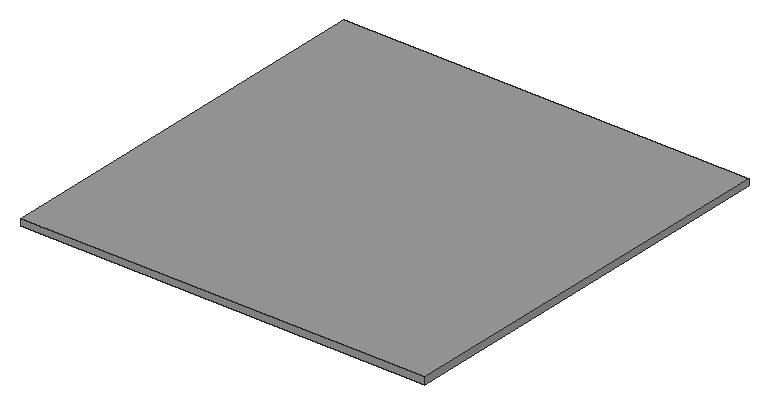
Revit family "BK-BK Inverted Roof 65mm Family", category Generic Models, host Floor, Revit 2017
Family settings
  Host = Floor
  Can host rebar = No
  Round Connector Dimension = Use Diameter
  Part Type = Normal
  Always vertical = Yes
  Cut with Voids When Loaded = No
  Shared = No
  Room Calculation Point = No
Parameters (values of type "Lambdaboard")
  Width = 4000 mm
  URL = "www.rigifoam.com"
  Type Comments = "duncan@rigifoam.com"
  Thermal Resistance = 2.7100 (m²·K)/W
  Thermal Conductivity = 0.0240 W/(m·K)
  Model = "BK/BK Inverted Roof 65mm"
  Material = Polyisocyanurate
  Manufacturer = "Lambdaboard"
  Length = 4000 mm
  Slab Thickness = 300 mm
  Description = "Flexible PIR Insulation"
  Depth = 65 mm
  Density = 40.0000 kg/m³
Reference planes
  plane 1 "Center (Front/Back)": y = 0
  plane 2: z = 0
  plane 3 "Center (Left/Right)": x = 0
Forms (mm)
  Extrusion 1, solid, material "Polyisocyanurate" <- "Material"
    sketch origin (0, 0, 0) x (1, 0, 0) y (0, 1, 0)
      loop
        line (-2000, 2000) -> (-2000, -2000) -> (2000, -2000) -> (2000, 2000) -> (-2000, 2000)
    from -300 to -365
Dimensions and locks
  "Depth": Extrusion 1 to Extrusion 1
  "Length": Extrusion 1 to Extrusion 1
  "Width": Extrusion 1 to Extrusion 1
  "Slab Thickness": plane 2 to Extrusion 1
  aligned and locked: level to plane 2
Automatic sketch dimensions
  Extrusion 1 sketch curve to plane 3 "Center (Left/Right)" = 2000 mm
  plane 3 "Center (Left/Right)" to Extrusion 1 sketch curve = 2000 mm
  plane 1 "Center (Front/Back)" to Extrusion 1 sketch curve = 2000 mm
  Extrusion 1 sketch curve to plane 1 "Center (Front/Back)" = 2000 mm
